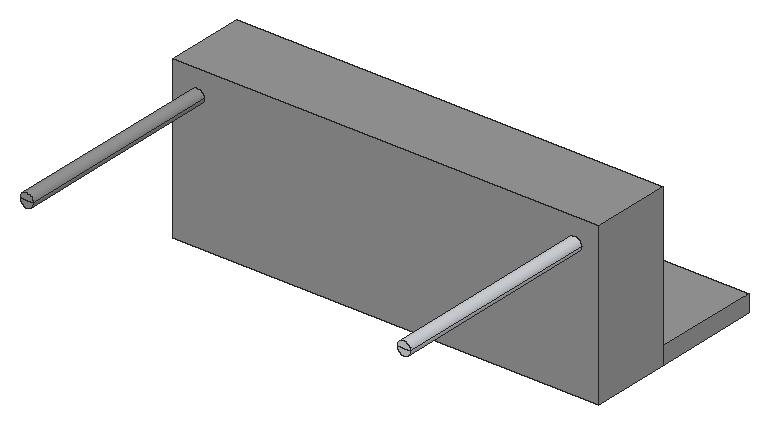
Revit family "Wall_Sink-Willoughby-CWWS-2", category Plumbing Fixtures, Revit 2015
Parameters (values of type "48" x 18"")
  Waste Connection = no
  Vent Connection = no
  URL = "https://www.willoughby-ind.com/wp-content/uploads/2018/01/CWWS.pdf"
  Sink Right = 2' - 0"
  Sink Left = 2' - 0"
  Revision = "A"
  Model = "CWWS-2"
  Manufacturer = "Willoughby Industries"
  HW Connection = no
  Fixture Body = Stainless Steel AISI 304-Willoughby(1)
  Description = "Commercial Wall Sink, 2 Stations, 48\" X 18\""
  Default Elevation = 0' - 0"
  Contact = "800-428-4065"
  CW Connection = no
  80" x 18" = no
  62" x 18" = no
  48" x 18" = yes
  102" x 18" = yes
Reference planes (in)
  plane 1 "Center (Front/Back)": y = 0
  plane 2: z = 0
  plane 3 "Center (Left/Right)": x = 0
  plane 4 "Bottom Of Sink": y = 24
  plane 5 "Sink HGT": y = 33
  plane 6 "Top Of Unit": y = 45
  plane 7: z = 2
  plane 8: z = 7
  plane 9 "Front line": z = 18
  plane 10: x = 24
  plane 11: x = -24
  plane 12: x = -21.25
  plane 13: x = 21.25
  plane 14: z = 15.25
Forms (in)
  Extrusion 1, solid, material "Stainless Steel AISI 304-Willoughby(1)" <- "Fixture Body"
    sketch origin (0, 33, 0) x (-1, 0, 0) y (0, 0, 1)
      loop
        line (-24, 0) -> (24, 0) -> (24, 18) -> (-24, 18) -> (-24, 0)
    from 0 to -9
  Extrusion 2, solid, material "Stainless Steel AISI 304-Willoughby(1)" <- "Fixture Body"
    sketch origin (0, 0, 0) x (1, 0, 0) y (0, 1, 0)
      loop
        line (-24, 33) -> (24, 33) -> (24, 45) -> (-24, 45) -> (-24, 33)
    from 0 to 2
  Revolve 3, solid, material "Stainless Steel AISI 304-Willoughby(1)" <- "Fixture Body"
    sketch origin (44.70941, 0, 15.25) x (1, 0, 0) y (0, 1, 0)
      loop
        line (-65.95941, 0) -> (-65.20941, 0) -> (-65.20941, 24) -> (-65.95941, 24) -> (-65.95941, 0)
      axis (-65.95941, 24) -> (-65.95941, 0)
    angle from 0 to 360
  Revolve 4, solid
    sketch origin (44.70941, 0, 15.25) x (1, 0, 0) y (0, 1, 0)
      loop
        line (-23.45941, 0) -> (-22.70941, 0) -> (-22.70941, 24) -> (-23.45941, 24) -> (-23.45941, 0)
      axis (-23.45941, 24) -> (-23.45941, 0)
    angle from 0 to 360
  Extrusion 5, void
    sketch origin (0, 33, 0) x (-1, 0, 0) y (0, 0, 1)
      loop
        line (-23, 17) -> (-23, 3) -> (23, 3) -> (23, 17) -> (-23, 17)
    from 0 to -8.83152
Cuts and joins
  Extrusion 5 cuts Extrusion 1
Lines and regions (in)
  symbolic lines, detail levels fine
    curve 1: line (-22, 0, 0) -> (-22, 24, 0)
    curve 2: line (-22, 0, 0) -> (-20.5, 0, 0)
    curve 3: line (-20.5, 0, 0) -> (-20.5, 24, 0)
    curve 7: line (22, 0, 0) -> (20.5, 0, 0)
    curve 8: line (20.5, 0, 0) -> (20.5, 24, 0)
    curve 9: line (22, 0, 0) -> (22, 24, 0)
    curve 18: line (-23, 33, 3) -> (-23, 33, 17)
    curve 19: line (-23, 33, 17) -> (23, 33, 17)
    curve 20: line (23, 33, 17) -> (23, 33, 3)
    curve 21: line (23, 33, 3) -> (-23, 33, 3)
    curve 29: line (0, 0, 14.5) -> (0, 0, 16)
    curve 30: line (0, 0, 16) -> (0, 24, 16)
    curve 31: line (0, 0, 14.5) -> (0, 24, 14.5)
  symbolic lines
    curve 4: line (-24, 24, 0) -> (24, 24, 0)
    curve 5: line (24, 24, 0) -> (24, 33, 0)
    curve 6: line (24, 33, 0) -> (-24, 33, 0)
    curve 13: line (24, 33, 0) -> (24, 33, 18)
    curve 14: line (24, 33, 18) -> (-24, 33, 18)
    curve 15: line (-24, 33, 18) -> (-24, 33, 0)
    curve 16: line (-24, 33, 0) -> (24, 33, 0)
    curve 22: line (0, 24, 0) -> (0, 33, 0)
    curve 23: line (0, 33, 0) -> (0, 33, 18)
    curve 24: line (0, 33, 18) -> (0, 24, 18)
    curve 25: line (0, 24, 18) -> (0, 24, 0)
  symbolic lines, detail levels medium+fine
    curve 10: line (24, 33, 0) -> (24, 45, 0)
    curve 11: line (24, 45, 0) -> (-24, 45, 0)
    curve 12: line (-24, 45, 0) -> (-24, 33, 0)
    curve 17: line (24, 33, 2) -> (-24, 33, 2)
    curve 26: line (0, 33, 0) -> (0, 45, 0)
    curve 27: line (0, 45, 0) -> (0, 45, 2)
    curve 28: line (0, 45, 2) -> (0, 33, 2)
Dimensions and locks (in)
  locked: plane 11 to plane 12 at 2.75
  locked: plane 13 to plane 10 at 2.75
  plane 14 to plane 9 "Front line" = 0' - 2 3/4"
  "Sink Left": plane 11 to plane 3 "Center (Left/Right)"
  "Sink Right": plane 3 "Center (Left/Right)" to plane 10
  aligned and locked: plane 9 "Front line" to Extrusion 1
  aligned and locked: Extrusion 1 to plane 11
  aligned and locked: plane 10 to Extrusion 1
  aligned and locked: Extrusion 1 to level
  aligned and locked: Extrusion 1 to plane 4 "Bottom Of Sink"
  aligned and locked: plane 5 "Sink HGT" to Extrusion 1
  aligned and locked: Extrusion 2 to plane 11
  aligned and locked: plane 6 "Top Of Unit" to Extrusion 2
  aligned and locked: Extrusion 2 to plane 5 "Sink HGT"
  aligned and locked: Extrusion 2 to level
  aligned and locked: plane 7 to Extrusion 2
  aligned and locked: Revolve 3 sketch curve to Revolve 3 sketch curve  (x2)
  aligned and locked: Revolve 4 sketch curve to Revolve 4 sketch curve  (x2)
  aligned and locked: plane 5 "Sink HGT" to Extrusion 5
Automatic sketch dimensions
  Extrusion 1 sketch curve to plane 9 "Front line" = 0' - 0"
  Extrusion 1 sketch curve to plane 10 = 0' - 0"
  Extrusion 1 sketch curve to level = 0' - 0"
  Extrusion 1 sketch curve to plane 11 = 0' - 0"
  Extrusion 2 sketch curve to plane 6 "Top Of Unit" = 0' - 0"
  Extrusion 2 sketch curve to plane 11 = 0' - 0"
  Extrusion 2 sketch curve to plane 5 "Sink HGT" = 0' - 0"
  Extrusion 2 sketch curve to plane 10 = 0' - 0"
  Extrusion 5 sketch curve to plane 10 = 0' - 1"
  plane 11 to Extrusion 5 sketch curve = 0' - 1"
  plane 7 to Extrusion 5 sketch curve = 0' - 1"
  Extrusion 5 sketch curve to plane 9 "Front line" = 0' - 1"
  plane 1 "Center (Front/Back)" to Revolve 4 sketch curve = 0' - 0"  (x2)
  Revolve 4 sketch curve to plane 13 = 0' - 0"
  Revolve 4 sketch curve to plane 4 "Bottom Of Sink" = 0' - 0"
  Revolve 4 sketch curve to plane 13 = 0' - 0 3/4"
  plane 1 "Center (Front/Back)" to Revolve 3 sketch curve = 0' - 0"  (x2)
  Revolve 3 sketch curve to plane 12 = 0' - 0"
  Revolve 3 sketch curve to plane 4 "Bottom Of Sink" = 0' - 0"
  Revolve 3 sketch curve to plane 12 = 0' - 0 3/4"
  curve 4 to plane 4 "Bottom Of Sink" = 0' - 0"
  curve 4 to plane 11 = 0' - 0"
  curve 12 to plane 6 "Top Of Unit" = 0' - 0"
  curve 11 to plane 11 = 0' - 0"
  plane 1 "Center (Front/Back)" to curve 1 = 0' - 0"
  plane 1 "Center (Front/Back)" to curve 8 = 0' - 0"
  curve 10 to plane 10 = 0' - 0"
  curve 12 to plane 5 "Sink HGT" = 0' - 0"
  plane 12 to curve 1 = 0' - 0 3/4"
  curve 2 to plane 12 = 0' - 0 3/4"
  plane 13 to curve 8 = 0' - 0 3/4"
  curve 9 to plane 13 = 0' - 0 3/4"
  curve 13 to level = 0' - 0"
  curve 13 to plane 10 = 0' - 0"
  curve 15 to plane 11 = 0' - 0"
  curve 17 to plane 7 = 0' - 0"
  curve 14 to plane 9 "Front line" = 0' - 0"
  curve 19 to plane 10 = 0' - 1"
  plane 11 to curve 18 = 0' - 1"
  curve 20 to plane 9 "Front line" = 0' - 1"
  plane 7 to curve 21 = 0' - 1"
  curve 29 to plane 1 "Center (Front/Back)" = 0' - 0"
  curve 31 to plane 4 "Bottom Of Sink" = 0' - 0"
  curve 24 to plane 5 "Sink HGT" = 0' - 0"
  curve 27 to plane 6 "Top Of Unit" = 0' - 0"
  curve 22 to level = 0' - 0"
  curve 28 to plane 7 = 0' - 0"
  curve 24 to plane 9 "Front line" = 0' - 0"
  plane 14 to curve 30 = 0' - 0 3/4"
  curve 31 to plane 14 = 0' - 0 3/4"
